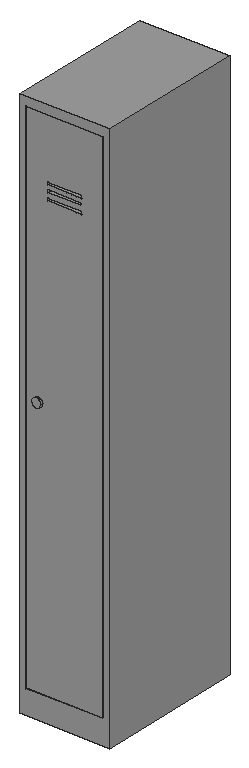
Revit family "Шкаф металлический односекционный 300х500х1850", category Оборудование, Revit 2017
Family settings
  Размер круглого соединителя = Использовать диаметр
  Тип детали = Нормальный
  На основе рабочей плоскости = Нет
  Всегда вертикально = Да
  При загрузке вырезать с полостями = Нет
  Общий = Нет
  Точка расчета площади = Нет
Parameters (values of type "Тип")
  Общ_Ширина = 300.0 mm
  Общ_Тип, марка = "ШРС-11-300"
  Общ_Примечание = ""
  Общ_Поставщик = ""
  Общ_Позиция = ""
  Общ_Наименование = "Шкаф металлический односекционный. Полка для головного убора, штанга, 2 крючка для одежды"
  Общ_Масса = "17"
  Общ_Код продукции = ""
  Общ_Единицы измерения = "шт."
  Общ_Глубина = 500.0 mm
  Общ_Высота = 1850.0 mm
  Keynote = ""
  Изготовитель = "Severin"
  Model = ""
Reference planes
  plane 1 "По центру (Вперед/Назад)": y = 0
  plane 2: z = 0
  plane 3 "По центру (Влево/Вправо)": x = 0
  plane 4: x = -150
  plane 5: x = 150
  plane 6: y = 250
  plane 7: y = -250
  plane 8: z = 1850
  plane 9: x = -130
  plane 10: y = 230
  plane 11: x = 130
  plane 12: z = 80
  plane 13: z = 1820
  plane 14: z = 82
Forms (mm)
  Extrusion 1, solid, material "Сталь серая окрашенная порошковым методом", detail levels fine
    sketch origin (0, 0, 0) x (1, 0, 0) y (0, 1, 0)
      loop
        line (-150, 250) -> (-150, -250) -> (150, -250) -> (150, 250) -> (-150, 250)
    from 0 to 1850
  Extrusion 2, void, detail levels fine
    sketch origin (0, 0, 0) x (1, 0, 0) y (0, 0, 1)
      loop
        line (-130, 1820) -> (-130, 1490) -> (130, 1490) -> (130, 1820) -> (-130, 1820)
      loop
        line (-130, 80) -> (130, 80) -> (130, 1470) -> (-130, 1470) -> (-130, 80)
    from -230 to 250
  Extrusion 3, void, detail levels fine
    sketch origin (-1318.989, -250, 1200) x (1, 0, 0) y (0, 0, 1)
      loop
        line (1188.989, 620) -> (1188.989, -1120) -> (1448.989, -1120) -> (1448.989, 620) -> (1188.989, 620)
    from 0 to -15
  Extrusion 4, solid, material "Сталь серая окрашенная порошковым методом", detail levels fine
    sketch origin (-531.143, -250, 1050) x (-1, 0, 0) y (0, 0, 1)
      loop
        circle (-441.143, -100) r 15
    from 0 to -5
  Extrusion 5, solid, material "Сталь серая окрашенная порошковым методом", detail levels fine
    sketch origin (-531.143, -250, 1200) x (-1, 0, 0) y (0, 0, 1)
      loop
        line (-403.143, -1118) -> (-403.143, 618) -> (-659.143, 618) -> (-659.143, -1118) -> (-403.143, -1118)
      loop
        line (-473.643, 420.281) -> (-588.643, 420.281) -> (-588.643, 410.281) -> (-473.643, 410.281) -> (-473.643, 420.281)
      loop
        line (-473.643, 397.127) -> (-588.643, 397.127) -> (-588.643, 387.127) -> (-473.643, 387.127) -> (-473.643, 397.127)
      loop
        line (-473.643, 372.127) -> (-588.643, 372.127) -> (-588.643, 362.127) -> (-473.643, 362.127) -> (-473.643, 372.127)
    from 0 to 15
Cuts and joins
  Extrusion 2, Extrusion 3 cuts Extrusion 1
Lines and regions (mm)
  symbolic lines, detail levels coarse+medium
    curve 1: line (150, 250, 0) -> (-150, 250, 0)
    curve 2: line (150, -250, 0) -> (150, 250, 0)
    curve 3: line (-150, -250, 0) -> (150, -250, 0)
    curve 4: line (-150, 250, 0) -> (-150, -250, 0)
    curve 5: line (-150, -250, 0) -> (0, 250, 0)
    curve 6: line (150, -250, 0) -> (0, 250, 0)
    curve 9: line (0, 250, 0) -> (0, 185, 0)
    curve 10: line (0, 165, 0) -> (0, 100, 0)
    curve 11: line (0, 80, 0) -> (0, 15, 0)
    curve 12: line (0, -5, 0) -> (0, -70, 0)
    curve 13: line (0, -90, 0) -> (0, -155, 0)
  symbolic lines, style "InvisibleLines", detail levels coarse+medium
    curve 7: line (130, -250, 0) -> (130, -510, 0)
    curve 8: arc (-130, -250, 0) -> (-53.848, -433.848, 0) -> (130, -510, 0) r 260
Dimensions and locks
  equal spacing: plane 4, plane 3 "По центру (Влево/Вправо)", plane 5
  "Общ_Ширина": plane 4 to plane 5
  equal spacing: plane 6, plane 1 "По центру (Вперед/Назад)", plane 7
  "Общ_Глубина": plane 6 to plane 7
  "Общ_Высота": plane 8 to plane 2
  locked: plane 6 to plane 10 at 20
  locked: plane 4 to plane 9 at 20
  locked: plane 11 to plane 5 at 20
  locked: plane 12 to plane 2 at 80
  locked: plane 8 to plane 13 at 30
  locked: plane 13 to Extrusion 2 sketch curve at 330
  locked: Extrusion 2 sketch curve to Extrusion 2 sketch curve at 20
  locked: Extrusion 4 sketch curve to plane 4 at 60
  Extrusion 4 sketch curve to plane 2 = 950.0 mm
  locked: plane 14 to plane 12 at 2
  aligned and locked: level to plane 2
  aligned and locked: Extrusion 1 sketch curve to plane 6
  aligned and locked: plane 4 to Extrusion 1 sketch curve
  aligned and locked: plane 7 to Extrusion 1 sketch curve
  aligned and locked: Extrusion 1 sketch curve to plane 5
  aligned and locked: Extrusion 1 to level
  aligned and locked: plane 8 to Extrusion 1
  aligned and locked: Extrusion 2 sketch curve to plane 13
  aligned and locked: plane 9 to Extrusion 2 sketch curve
  aligned and locked: Extrusion 2 sketch curve to plane 11
  aligned and locked: plane 10 to Extrusion 2
  aligned and locked: Extrusion 2 to plane 7
  aligned and locked: Extrusion 3 sketch curve to cut or joined group of Extrusion 1, Extrusion 2, Extrusion 3  (x3)
  aligned and locked: curve 1 to cut or joined group of Extrusion 1, Extrusion 2, Extrusion 3
  aligned and locked: curve 2 to cut or joined group of Extrusion 1, Extrusion 2, Extrusion 3
  aligned and locked: curve 3 to cut or joined group of Extrusion 1, Extrusion 2, Extrusion 3
  aligned and locked: curve 4 to cut or joined group of Extrusion 1, Extrusion 2, Extrusion 3
  aligned and locked: plane 14 to Extrusion 5 sketch curve
  aligned and locked: Extrusion 5 to cut or joined group of Extrusion 1, Extrusion 2, Extrusion 3
  aligned and locked: Extrusion 5 to plane 7
Automatic sketch dimensions
  curve 8 to plane 7 = 0.0 mm
  curve 8 to plane 9 = 0.0 mm
  curve 13 to plane 3 "По центру (Влево/Вправо)" = 0.0 mm
  curve 5 to plane 3 "По центру (Влево/Вправо)" = 0.0 mm
  curve 12 to plane 3 "По центру (Влево/Вправо)" = 0.0 mm
  curve 11 to plane 3 "По центру (Влево/Вправо)" = 0.0 mm
  curve 10 to plane 3 "По центру (Влево/Вправо)" = 0.0 mm
  curve 9 to plane 3 "По центру (Влево/Вправо)" = 0.0 mm
  curve 8 to plane 11 = 0.0 mm
  curve 13 to curve 13 = 65.0 mm
  curve 13 to curve 12 = 20.0 mm
  plane 1 "По центру (Вперед/Назад)" to curve 12 = 5.0 mm
  curve 11 to plane 1 "По центру (Вперед/Назад)" = 15.0 mm
  curve 11 to curve 11 = 65.0 mm
  curve 11 to curve 10 = 20.0 mm
  plane 3 "По центру (Влево/Вправо)" to Extrusion 5 sketch curve = 57.5 mm
  Extrusion 5 sketch curve to Extrusion 5 sketch curve = 0.0 mm  (x4)
  Extrusion 5 sketch curve to plane 3 "По центру (Влево/Вправо)" = 57.5 mm
  Extrusion 5 sketch curve to Extrusion 5 sketch curve = 10.0 mm  (x3)
  Extrusion 5 sketch curve to Extrusion 5 sketch curve = 15.0 mm
  Extrusion 5 sketch curve to Extrusion 5 sketch curve = 13.154 mm
  Extrusion 5 sketch curve to plane 11 = 2.0 mm
  plane 9 to Extrusion 5 sketch curve = 2.0 mm
  curve 10 to plane 10 = 65.0 mm
  curve 10 to curve 9 = 20.0 mm
  Extrusion 2 sketch curve to plane 9 = 0.0 mm
  Extrusion 2 sketch curve to plane 11 = 0.0 mm
  Extrusion 2 sketch curve to plane 12 = 0.0 mm
  Extrusion 3 sketch curve to plane 12 = 0.0 mm
  Extrusion 5 sketch curve to plane 13 = 257.873 mm
  Extrusion 5 sketch curve to plane 13 = 2.0 mm
  plane 7 to curve 13 = 95.0 mm
  radius of Extrusion 4 sketch curve = 15.0 mm
